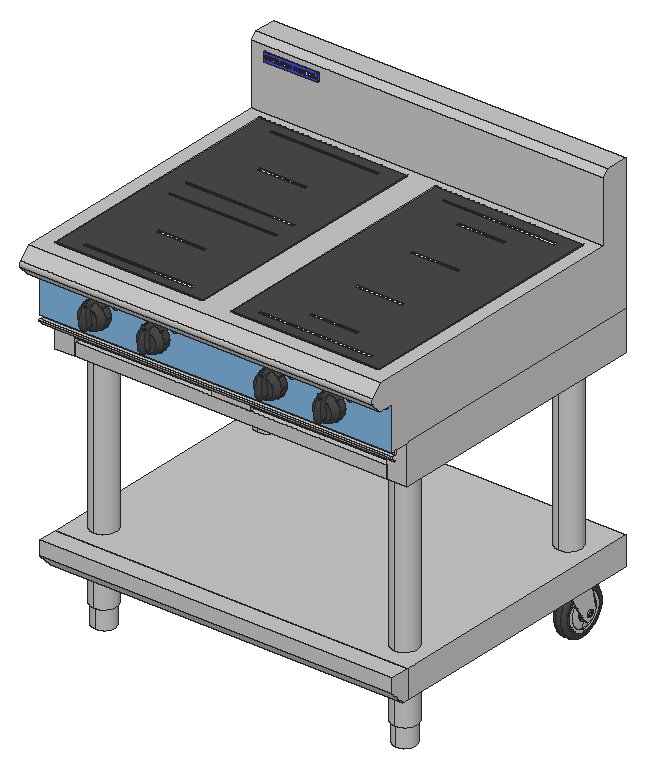
Revit family "QF_Moffat_IN514R3F-LS_Induction_Cooktop_cat", category Specialty Equipment, Revit 2019 (continued)
Definition of nested family "QF_LOGO_BLue Seal"
  Automatic sketch dimensions
    Extrusion 2 sketch curve to Extrusion 2 sketch curve = 4.362 mm
    Extrusion 2 sketch curve to Extrusion 2 sketch curve = 3.517 mm
    Extrusion 2 sketch curve to Extrusion 2 sketch curve = 3.787 mm  (x2)
    Extrusion 2 sketch curve to Extrusion 2 sketch curve = 4.787 mm  (x2)
    Extrusion 2 sketch curve to Extrusion 2 sketch curve = 4.588 mm  (x2)
    Extrusion 2 sketch curve to Extrusion 2 sketch curve = 1.798 mm
    Extrusion 2 sketch curve to Extrusion 2 sketch curve = 1.956 mm
    Extrusion 2 sketch curve to Extrusion 2 sketch curve = 3.735 mm
    Extrusion 2 sketch curve to Extrusion 2 sketch curve = 1.146 mm
    Extrusion 2 sketch curve to Extrusion 2 sketch curve = 3.631 mm
    Extrusion 2 sketch curve to Extrusion 2 sketch curve = 3.713 mm
    Extrusion 2 sketch curve to Extrusion 2 sketch curve = 0.959 mm
    Extrusion 2 sketch curve to Extrusion 2 sketch curve = 1.688 mm
    Extrusion 2 sketch curve to plane 7 "Center Y" = 3.94 mm
    plane 7 "Center Y" to Extrusion 2 sketch curve = 0.777 mm
    plane 7 "Center Y" to Extrusion 2 sketch curve = 0.845 mm
    plane 7 "Center Y" to Extrusion 2 sketch curve = 0.988 mm
    Extrusion 2 sketch curve to Extrusion 2 sketch curve = 7.327 mm
    Extrusion 2 sketch curve to Extrusion 2 sketch curve = 4.556 mm
    Extrusion 2 sketch curve to Extrusion 2 sketch curve = 3.087 mm
    Extrusion 2 sketch curve to Extrusion 2 sketch curve = 4.657 mm  (x2)
    Extrusion 2 sketch curve to Extrusion 2 sketch curve = 0.004 mm
    Extrusion 2 sketch curve to Extrusion 2 sketch curve = 0.996 mm
    Extrusion 2 sketch curve to Extrusion 2 sketch curve = 1.402 mm
    Extrusion 2 sketch curve to Extrusion 2 sketch curve = 5.025 mm
    Extrusion 2 sketch curve to Extrusion 2 sketch curve = 4.717 mm
    Extrusion 2 sketch curve to Extrusion 2 sketch curve = 4.785 mm
    Extrusion 2 sketch curve to Extrusion 2 sketch curve = 0.211 mm
    Extrusion 2 sketch curve to Extrusion 2 sketch curve = 2.578 mm
    Extrusion 2 sketch curve to Extrusion 2 sketch curve = 3.936 mm
    Extrusion 2 sketch curve to Extrusion 2 sketch curve = 0.5 mm  (x2)
    Extrusion 2 sketch curve to Extrusion 2 sketch curve = 1.76 mm
    Extrusion 2 sketch curve to Extrusion 2 sketch curve = 2.76 mm
    Extrusion 2 sketch curve to Extrusion 2 sketch curve = 3.875 mm
    Extrusion 2 sketch curve to Extrusion 2 sketch curve = 4.875 mm
    Extrusion 2 sketch curve to Extrusion 2 sketch curve = 1.717 mm
    level to Extrusion 2 sketch curve = 7.169 mm  (x6)
    level to Extrusion 2 sketch curve = 7.227 mm
    Extrusion 2 sketch curve to Extrusion 2 sketch curve = 0.003 mm
    Extrusion 2 sketch curve to Extrusion 2 sketch curve = 0.983 mm  (x2)
    Extrusion 2 sketch curve to Extrusion 2 sketch curve = 1.01 mm  (x2)
    Extrusion 2 sketch curve to Extrusion 2 sketch curve = 1.376 mm
    Extrusion 2 sketch curve to Extrusion 2 sketch curve = 0.588 mm
    Extrusion 2 sketch curve to Extrusion 2 sketch curve = 0.966 mm
    Extrusion 2 sketch curve to Extrusion 2 sketch curve = 2.037 mm  (x2)
    Extrusion 2 sketch curve to Extrusion 2 sketch curve = 0.772 mm  (x2)
    Extrusion 2 sketch curve to Extrusion 2 sketch curve = 1.539 mm
    Extrusion 2 sketch curve to Extrusion 2 sketch curve = 0.961 mm
    Extrusion 2 sketch curve to Extrusion 2 sketch curve = 1.28 mm  (x2)
    Extrusion 2 sketch curve to Extrusion 2 sketch curve = 1.878 mm
    Extrusion 2 sketch curve to Extrusion 2 sketch curve = 2.905 mm
    Extrusion 2 sketch curve to Extrusion 2 sketch curve = 3.969 mm
    Extrusion 2 sketch curve to Extrusion 2 sketch curve = 0.84 mm  (x2)
    Extrusion 2 sketch curve to Extrusion 2 sketch curve = 2.448 mm
    Extrusion 2 sketch curve to Extrusion 2 sketch curve = 2.202 mm
    Extrusion 2 sketch curve to Extrusion 2 sketch curve = 2.222 mm
    Extrusion 2 sketch curve to Extrusion 2 sketch curve = 1.332 mm
    Extrusion 2 sketch curve to Extrusion 2 sketch curve = 1.12 mm  (x2)
    Extrusion 2 sketch curve to Extrusion 2 sketch curve = 0.929 mm
    Extrusion 2 sketch curve to Extrusion 2 sketch curve = 1.051 mm  (x2)
    Extrusion 2 sketch curve to Extrusion 2 sketch curve = 5.129 mm  (x2)
    Extrusion 2 sketch curve to Extrusion 2 sketch curve = 4.147 mm
    Extrusion 2 sketch curve to Extrusion 2 sketch curve = 0.516 mm
    plane 3 "LEFT" to Extrusion 2 sketch curve = 3.555 mm
    plane 3 "LEFT" to Extrusion 3 sketch curve = 8.107 mm
    Extrusion 3 sketch curve to Extrusion 3 sketch curve = 0.182 mm
    level to Extrusion 3 sketch curve = 7.231 mm
    Extrusion 3 sketch curve to Extrusion 3 sketch curve = 3.969 mm
    Extrusion 4 sketch curve to plane 3 "LEFT" = 8.107 mm
    Extrusion 4 sketch curve to Extrusion 4 sketch curve = 0.088 mm
    Extrusion 4 sketch curve to level = 7.227 mm
    Extrusion 4 sketch curve to Extrusion 4 sketch curve = 3.972 mm
Definition of nested family "6 INCHES 02_CASTER"
  Parameters (values of type "6 INCHES 02_CASTER")
    Weight = ""
    URL Manufacturer = ""
    URL Cutsheet = ""
    URL = ""
    Type Mark [instance] = ""
    Specification by User [instance] = ""
    Specification by Manufacturer = ""
    Show Casters [instance] = yes
    Serial Number = ""
    Seismic Rating = ""
    SMACNA No = ""
    Revision Code [instance] = ""
    Omniclass Number and Title = ""
    NAFEM Spec ID Number = ""
    Model = ""
    MasterSpec. = ""
    Manufacturer = ""
    Item Number [instance] = ""
    Installed By [instance] = ""
    Identify Quantity as Lot [instance] = yes
    Furnished By [instance] = ""
    Foodservice Equipment Identifier [instance] = yes
    Description = ""
    CSI MasterFormat = ""
    CSI Master Format = ""
  Reference planes
    plane 1 "BACK": y = 0
    plane 2: z = 0
    plane 3 "LEFT": x = 0
    plane 4 "RIGHT": x = 0
    plane 5 "FRONT": y = 0
    plane 6 "TOP": z = 150
  Forms (mm)
    Revolve 1, solid, visible <- "Show Casters"
      sketch origin (-56.335, 0, -6.35) x (-1, 0, 0) y (0, 0, 1)
        loop
          line (-56.335, 152.4) -> (-56.335, 141.118) -> (-23.798, 141.118) -> (-23.798, 152.4) -> (-56.335, 152.4)
        axis (-56.335, 141.118) -> (-56.335, 152.4)
      angle from 0 to 360
    Extrusion 2, solid, visible <- "Show Casters"
      sketch origin (6.501, 53.083, -4.762) x (0, 1, 0) y (0, 0, 1)
        loop
          line (-85.799, 139.531) -> (-85.799, 133.181) -> (-42.478, 58.614)
          arc (-42.478, 58.614) -> (-16.638, 50.199) -> (-6.442, 75.39) r 19.923
          line (-6.442, 75.39) -> (-20.366, 139.531) -> (-85.799, 139.531)
      from 20.058 to 22.923
    Extrusion 3, solid, visible <- "Show Casters"
      sketch origin (0, 0, 146.05) x (0, 1, 0) y (-1, 0, 0)
        loop
          circle (0, 0) r 19.05
      from 0 to 3.95
    Extrusion 4, solid, visible <- "Show Casters"
      sketch origin (-6.501, 53.083, -4.762) x (0, 1, 0) y (0, 0, -1)
        loop
          line (-85.799, -133.181) -> (-85.799, -139.531) -> (-20.366, -139.531) -> (-6.442, -75.39)
          arc (-6.442, -75.39) -> (-16.638, -50.199) -> (-42.478, -58.614) r 19.923
          line (-42.478, -58.614) -> (-85.799, -133.181)
      from 20.058 to 22.923
    Extrusion 5, solid, visible <- "Show Casters"
      sketch origin (0, -3.253, 19.05) x (0, 1, 0) y (0, 0, 1)
        loop
          line (-29.464, 115.718) -> (-29.464, 109.368) -> (35.969, 109.368) -> (35.969, 115.718) -> (-29.464, 115.718)
      from -26.559 to 26.559
    Revolve 6, solid, visible <- "Show Casters"
      sketch origin (-49.213, 28.39, -3.252) x (1, 0, 0) y (0, 0, 1)
        loop
          line (14.841, 65.192) -> (14.841, 61.686) -> (16.111, 60.416) -> (17.635, 60.416) -> (17.635, 56.97) -> (29.782, 56.97) -> (29.782, 46.925) -> (33.069, 45.027) -> (36.232, 25.477) -> (32.544, 25.477) -> (32.544, 19.127) -> (33.338, 19.127) -> (33.338, 12.777)
          arc (33.338, 12.777) -> (36.127, 6.041) -> (42.863, 3.252) r 9.525
          line (42.863, 3.252) -> (55.563, 3.252)
          arc (55.563, 3.252) -> (62.298, 6.041) -> (65.088, 12.777) r 9.525
          line (65.088, 12.777) -> (65.088, 19.127) -> (65.881, 19.127) -> (65.881, 25.477) -> (62.193, 25.477) -> (65.371, 45.116) -> (68.644, 47.006) -> (68.644, 56.97) -> (80.79, 56.97) -> (80.79, 60.416) -> (82.314, 60.416) -> (83.584, 61.686) -> (83.584, 65.192) -> (14.841, 65.192)
        axis (14.841, 65.192) -> (83.584, 65.192)
      angle from 0 to 360
  Cuts and joins
    joined: Extrusion 2, Extrusion 4, Extrusion 5
  Lines and regions (mm)
    symbolic lines, visible <- "Show Casters"
      curve 1: line (11.652, 51.878, 0) -> (39.148, 36.003, 0)
      curve 2: line (-39.148, -36.11, 0) -> (-20.098, -3.115, 0)
      curve 3: line (-11.652, -51.985, 0) -> (-39.148, -36.11, 0)
      curve 4: line (39.148, 36.003, 0) -> (20.098, 3.007, 0)
      curve 5: line (-7.398, 18.882, 0) -> (11.652, 51.878, 0)
      curve 6: line (7.398, -18.99, 0) -> (-11.652, -51.985, 0)
  Dimensions and locks
    plane 6 "TOP" to level = 150 mm  (x2)
    aligned and locked: level to plane 2
Definition of nested family "Knob"
  Parameters (values of type "Knob")
    Weight in Pounds = 0
    URL Cutsheet = ""
    Specification by User = ""
    Specification by Manufacturer = ""
    Serial Number = ""
    Seismic Rating = ""
    SMACNA No = ""
    Revision Code = ""
    NAFEM Spec ID Number = ""
    Masterspec = ""
    Length = 65 mm
    Item Number = ""
    Installed By = ""
    Identify Quantity as Lot = yes
    Height = 69.5 mm
    Furnished By = ""
    Foodservice Equipment Identifier = yes
    Depth = 59 mm
    CSI MasterFormat = ""
  Reference planes
    plane 1 "BACK": y = 0
    plane 2: z = 0
    plane 3 "LEFT": x = 0
    plane 4 "RIGHT": x = 65
    plane 5 "FRONT": y = -59
    plane 6 "TOP": z = 69.5
    plane 7 "Center Y": x = 32.5
    plane 8 "Center X": y = -29.5
  Forms (mm)
    Revolve 1, solid
      sketch origin (32.5, 175.397, 1219.2) x (0, 1, 0) y (0, 0, 1)
        loop
          line (-175.397, -1186.7) -> (-219.397, -1186.7) -> (-219.397, -1211.501) -> (-202.106, -1219.2) -> (-185.397, -1219.2) -> (-185.397, -1191.7) -> (-175.397, -1191.7) -> (-175.397, -1186.7)
        axis (-219.397, -1186.7) -> (-175.397, -1186.7)
      angle from 0 to 360
    Extrusion 2, solid
      sketch origin (32.5, 175.397, 1219.2) x (0, 1, 0) y (0, 0, 1)
        loop
          line (-202.106, -1154.2) -> (-185.397, -1154.2) -> (-185.397, -1149.7) -> (-224.105, -1149.7)
          arc (-224.105, -1149.7) -> (-233.965, -1178.467) -> (-230.696, -1208.7) r 70
          line (-230.696, -1208.7) -> (-219.397, -1208.7) -> (-219.397, -1161.899) -> (-202.106, -1154.2)
      from -15 to 15
    Extrusion 3, void
      sketch origin (0, 0, 0) x (1, 0, 0) y (0, 0, 1)
        loop
          line (27.501, 64.613) -> (22.02, 20.585)
          arc (22.02, 20.585) -> (32.792, 10.488) -> (42.986, 21.169) r 10.487
          line (42.986, 21.169) -> (37.499, 64.613)
          arc (37.499, 64.613) -> (32.5, 69.5) -> (27.501, 64.613) r 5
        loop
          line (10, 72.977) -> (10, 5.625) -> (55, 5.625) -> (55, 72.977) -> (10, 72.977)
      from 6.142 to 69.687
    Extrusion 4, solid
      sketch origin (0, -34.115, -16.916) x (1, 0, 0) y (0, 0.45399, 0.891007)
        loop
          circle (32.497, 65) r 2
      from 51.525 to 53.075
    Extrusion 5, solid
      sketch origin (32.5, -10, 32.5) x (0, 0, -1) y (-1, 0, 0)
        loop
          line (-23.54, -22.408) -> (-24.106, -22.974)
          arc (-24.106, -22.974) -> (-23.547, -23.547) -> (-22.974, -24.106) r 33.3
          line (-22.974, -24.106) -> (-22.408, -23.54)
          arc (-22.408, -23.54) -> (-22.981, -22.981) -> (-23.54, -22.408) r 32.5
        loop
          arc (-0.8, -33.29) -> (0, -33.3) -> (0.8, -33.29) r 33.3
          line (0.8, -33.29) -> (0.8, -32.49)
          arc (0.8, -32.49) -> (0, -32.5) -> (-0.8, -32.49) r 32.5
          line (-0.8, -32.49) -> (-0.8, -33.29)
        loop
          arc (23.54, -22.408) -> (22.981, -22.981) -> (22.408, -23.54) r 32.5
          line (22.408, -23.54) -> (22.974, -24.106)
          arc (22.974, -24.106) -> (23.547, -23.547) -> (24.106, -22.974) r 33.3
          line (24.106, -22.974) -> (23.54, -22.408)
        loop
          arc (-23.54, 22.408) -> (-22.981, 22.981) -> (-22.408, 23.54) r 32.5
          line (-22.408, 23.54) -> (-22.974, 24.106)
          arc (-22.974, 24.106) -> (-23.547, 23.547) -> (-24.106, 22.974) r 33.3
          line (-24.106, 22.974) -> (-23.54, 22.408)
        loop
          line (-0.8, 33.29) -> (-0.8, 32.49)
          arc (-0.8, 32.49) -> (0, 32.5) -> (0.8, 32.49) r 32.5
          line (0.8, 32.49) -> (0.8, 33.29)
          arc (0.8, 33.29) -> (0, 33.3) -> (-0.8, 33.29) r 33.3
        loop
          line (32.49, -0.8) -> (33.29, -0.8)
          arc (33.29, -0.8) -> (33.3, 0) -> (33.29, 0.8) r 33.3
          line (33.29, 0.8) -> (32.49, 0.8)
          arc (32.49, 0.8) -> (32.5, 0) -> (32.49, -0.8) r 32.5
        loop
          arc (24.106, 22.974) -> (23.547, 23.547) -> (22.974, 24.106) r 33.3
          line (22.974, 24.106) -> (22.408, 23.54)
          arc (22.408, 23.54) -> (22.981, 22.981) -> (23.54, 22.408) r 32.5
          line (23.54, 22.408) -> (24.106, 22.974)
      from 0 to -16.709
  Cuts and joins
    Extrusion 3 cuts Extrusion 2
  Dimensions and locks
    equal spacing: plane 3 "LEFT", plane 7 "Center Y", plane 4 "RIGHT"
    "Length": plane 3 "LEFT" to plane 4 "RIGHT"
    equal spacing: plane 5 "FRONT", plane 8 "Center X", plane 1 "BACK"
    "Depth": plane 5 "FRONT" to plane 1 "BACK"
    "Height": plane 6 "TOP" to level
    plane 4 "RIGHT" to plane 3 "LEFT" = 65 mm
    aligned and locked: level to plane 2
  Automatic sketch dimensions
    Revolve 1 sketch curve to level = 0 mm
    Revolve 1 sketch curve to plane 1 "BACK" = 0 mm  (x2)
    plane 1 "BACK" to Revolve 1 sketch curve = 10 mm
    plane 8 "Center X" to Revolve 1 sketch curve = 2.791 mm
    Revolve 1 sketch curve to plane 8 "Center X" = 14.5 mm
    level to Revolve 1 sketch curve = 7.699 mm
    level to Revolve 1 sketch curve = 27.5 mm
    Revolve 1 sketch curve to Revolve 1 sketch curve = 5 mm
    Revolve 1 sketch curve to Revolve 1 sketch curve = 35 mm
    Revolve 1 sketch curve to Revolve 1 sketch curve = 0 mm
    Extrusion 2 sketch curve to plane 6 "TOP" = 0 mm
    Extrusion 2 sketch curve to plane 5 "FRONT" = 3.702 mm
    Extrusion 2 sketch curve to plane 5 "FRONT" = 10.293 mm
    Extrusion 2 sketch curve to Extrusion 2 sketch curve = 11.298 mm
    plane 8 "Center X" to Extrusion 2 sketch curve = 2.791 mm
    plane 1 "BACK" to Extrusion 2 sketch curve = 10 mm
    Extrusion 2 sketch curve to plane 1 "BACK" = 11 mm
    Extrusion 2 sketch curve to plane 6 "TOP" = 4.5 mm
    Extrusion 2 sketch curve to plane 6 "TOP" = 12.199 mm
    level to Extrusion 2 sketch curve = 32.962 mm
    level to Extrusion 3 sketch curve = 5.625 mm
    Extrusion 3 sketch curve to plane 7 "Center Y" = 0 mm  (x2)
    Extrusion 3 sketch curve to plane 7 "Center Y" = 4.999 mm
    Extrusion 3 sketch curve to plane 7 "Center Y" = 10.48 mm
    plane 6 "TOP" to Extrusion 3 sketch curve = 3.477 mm
    plane 3 "LEFT" to Extrusion 3 sketch curve = 10 mm
    Extrusion 3 sketch curve to plane 6 "TOP" = 4.887 mm
    Extrusion 3 sketch curve to Extrusion 3 sketch curve = 4.999 mm
    plane 7 "Center Y" to Extrusion 3 sketch curve = 10.486 mm
    level to Extrusion 3 sketch curve = 20.585 mm
    Extrusion 3 sketch curve to Extrusion 3 sketch curve = 0.387 mm
    Extrusion 3 sketch curve to Extrusion 3 sketch curve = 0.113 mm
    plane 4 "RIGHT" to Extrusion 3 sketch curve = 10 mm
    Extrusion 5 sketch curve to Revolve 1 = 32.49 mm
    Revolve 1 to Extrusion 5 sketch curve = 32.49 mm
    Extrusion 5 sketch curve to Revolve 1 = 23.54 mm  (x2)
    Revolve 1 to Extrusion 5 sketch curve = 23.54 mm  (x2)
    Extrusion 5 sketch curve to Revolve 1 = 24.106 mm  (x2)
    Revolve 1 to Extrusion 5 sketch curve = 24.106 mm  (x2)
    Revolve 1 to Extrusion 5 sketch curve = 22.408 mm  (x2)
    Extrusion 5 sketch curve to Revolve 1 = 22.408 mm  (x2)
    Revolve 1 to Extrusion 5 sketch curve = 22.974 mm  (x2)
    Extrusion 5 sketch curve to Revolve 1 = 22.974 mm  (x2)
    Extrusion 5 sketch curve to Extrusion 5 sketch curve = 1.6 mm  (x2)
    Revolve 1 to Extrusion 5 sketch curve = 0.8 mm
    Extrusion 5 sketch curve to Revolve 1 = 0.8 mm
    Extrusion 4 sketch curve to plane 7 "Center Y" = 0.003 mm
    radius of Extrusion 5 sketch curve to Revolve 1 = 0 mm  (x7)
    radius of Revolve 1 to Extrusion 5 sketch curve = 0.8 mm  (x7)
    radius of Extrusion 4 sketch curve = 2 mm
Types (2, lengths in mm): name | Volts | Cycle | Apparent Power
  IN514R3F-LS_415/60/3 | 415 V | 60 Hz | 17230.8 VA
  IN514R3F-LS_400/50/3 | 400 V | 50 Hz | 16608 VA
